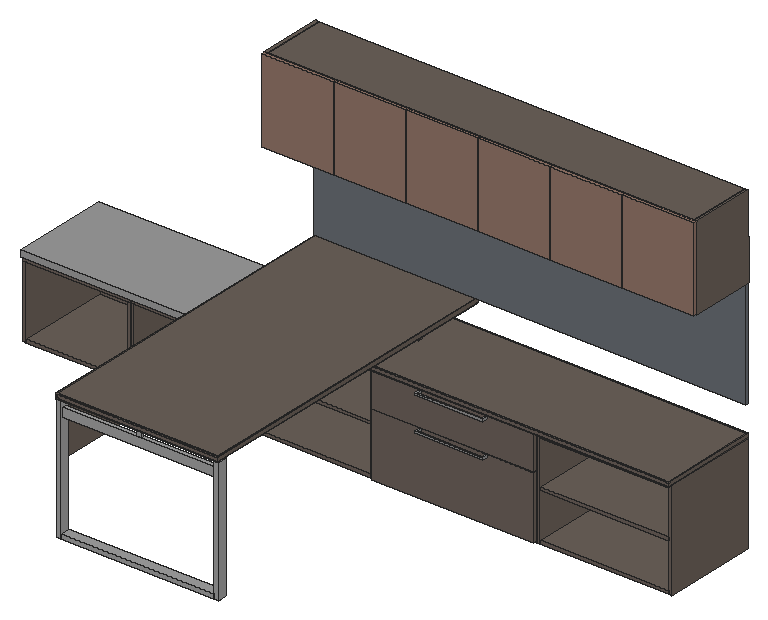
Revit family "T100315", category Furniture, Revit 2015
Parameters (values of type "T100315")
  URL = "https://ofs.com/"
  Manufacturer = "OFS"
  Description = "OFS TYPICAL T100315"
  Copyright © = "©OFS 2021"
  Catalog = "https://ofs.com/2020-experience"
  Authoring Version = "Autodesk Revit Architecture 2015"
  Assembly Code = "E2020400"
Reference planes (in)
  plane 1 "Center Front/Back": y = 0
  plane 2: z = 0
  plane 3 "Center Left/Right": x = 0
Dimensions and locks (in)
  aligned and locked: level to plane 2
Nested families (in)
  nested 1: "OFS ELEMENT OPEN L DESK LEFT AND RIGHT 84in Width 60in Return" at (102, 18.84375, 84), type "ELEMENT OPEN L DESK LEFT RETURN 84in Width 60in Return"
    with Right Desk Ovelay no, Left Desk Overlay no, Desk Overlay Option yes
  nested 2: "STAKS TACKBOARD ONE-PIECE Fabric" at (-37.2202, -153.71975, 0.25), type "STAKS ONE-PIECE TACKBOARD Fabric 96in"
  nested 3: "STAKS MODESTY PANEL - Veneer & Wood Grain & Frosted" at (-83.53235, -196.84501, 0.375) x (0, 1, 0) z (0, 0, 1), type "STAKS MODESTY PANEL WOOD VENEER 47.9375-30"
  nested 4: "STAKS RISER SUPPORT PANELS P & T SHAPED" at (-55.78305, -175.71976, 0.5) x (0, -1, 0) z (0, 0, 1), type "STAKS RISER SUPPORT PANEL T SHAPE 26 X 9.5"
  nested 5: "STAKS LOW HEIGHT PEDESTAL WIDE - BOX-FILE - NO RISER SUPPORT" at (-58.19732, -173.47011, 0), type "STAKS LOW HEIGHT PEDESTAL WIDE - BOX-FILE - NO RISER SUPPORT 36in W x 22in D"
  nested 6: "STAKS LOW HEIGHT OPEN SHELF PEDESTAL - NO RISER SUPPORT" at (-25.19732, -173.47011, 0), type "STAKS LOW HEIGHT OPEN SHELF PEDESTAL - NO RISER SUPPORT 30 x 22"
  nested 7: "STAKS LOW HEIGHT OPEN SHELF PEDESTAL - NO RISER SUPPORT" at (-91.19732, -173.47011, 0), type "STAKS LOW HEIGHT OPEN SHELF PEDESTAL - NO RISER SUPPORT 30 x 22"
  nested 8: "STAKS SINGLE BENCH HEIGHT PEDESTAL - NO RISER SUPPORT" at (-118.19732, -173.47011, 0), type "STAKS SINGLE BENCH HEIGHT PEDESTAL - NO RISER SUPPORT 24"
  nested 9: "STAKS SINGLE BENCH HEIGHT PEDESTAL - NO RISER SUPPORT" at (-142.19732, -173.47011, 0), type "STAKS SINGLE BENCH HEIGHT PEDESTAL - NO RISER SUPPORT 24"
  nested 10: "STAKS RECTANGULAR WORKSURFACES Long Grain" at (-92.71268, -151.63611, -5.875), type "STAKS RECTANGULAR WORKSURFACE 96 x 22"
    with Height Above Floor 29"
  nested 11: "STAKS BENCHING RECTANGULAR WORKSURFACES" at (-86.99136, -233.02474, 0) x (0, 1, 0) z (0, 0, 1), type "STAKS BENCHING RECTANGULAR WORKSURFACE 72 X 36"
  nested 12: "STAKS WALLMOUNT ORGANIZER WITH DOORS Six Doors" at (-64.21268, -152.38611, 0), type "STAKS WALLMOUNT ORGANIZER WITH DOORS Six Doors 96in W"
    with Height Above Floor 71 1/2", 2D Symbol Lines yes
  nested 13: "STAKS LOW OR BENCH HEIGHT CUSHIONS" at (-130.13482, -173.47011, -3.25), type "STAKS LOW OR BENCH HEIGHT CUSHION - DOUBLE 48"
  nested 14: "STAKS SUPPORT O LEG" at (-69.78235, -207.84476, 0) x (0, 1, 0) z (0, 0, 1), type "STAKS SUPPORT O LEG 36"
Definition of nested family "STAKS TACKBOARD ONE-PIECE Fabric"
  Parameters (values of type "STAKS ONE-PIECE TACKBOARD Fabric 30in")
    Width = 30"
    URL = "http://www.ofs.com/"
    Height from Floor = 28 5/8"
    Height = 24 1/4"
    Model = "FT2205"
    Manufacturer = "OFS"
    Description = "OFS STAKS ONE-PIECE TACKBOARD Fabric 30\", Use with 30\"W Wallmount Organizers"
    Depth = 1/2"
    Copyright © = "© 2018 OFS"
    Catalog = "https://ofs.com/products/casegoods/private-office/staks"
    Authoring Version = "Autodesk Revit Architecture 2013"
    Assembly Code = "E2020200"
    Surface Material = none
  Types (14): name | Width | Model | Description
    (no name) | 30" | "FT2205" | "OFS STAKS ONE-PIECE TACKBOARD Fabric 30\", Use with 30\"W Wallmount Organizers"
    STAKS ONE-PIECE TACKBOARD Fabric 30in | 30" | "FT2205" | "OFS STAKS ONE-PIECE TACKBOARD Fabric 30\", Use with 30\"W Wallmount Organizers"
    STAKS ONE-PIECE TACKBOARD Fabric 36in | 36" | "FT2204" | "OFS STAKS ONE-PIECE TACKBOARD Fabric 36\", Use with 36\"W Wallmount Organizers"
    STAKS ONE-PIECE TACKBOARD Fabric 42in | 42" | "FT2203" | "OFS STAKS ONE-PIECE TACKBOARD Fabric 42\", Use with 42\"W Wallmount Organizers"
    STAKS ONE-PIECE TACKBOARD Fabric 48in | 48" | "FT2202" | "OFS STAKS ONE-PIECE TACKBOARD Fabric 48\", Use with 48\"W Wallmount Organizers"
    STAKS ONE-PIECE TACKBOARD Fabric 54in | 54" | "FT2201" | "OFS STAKS ONE-PIECE TACKBOARD Fabric 54\", Use with 54\"W Wallmount Organizers"
    STAKS ONE-PIECE TACKBOARD Fabric 60in | 60" | "FT2200" | "OFS STAKS ONE-PIECE TACKBOARD Fabric 60\", Use with 60\"W Wallmount Organizers"
    STAKS ONE-PIECE TACKBOARD Fabric 66in | 66" | "FT2199" | "OFS STAKS ONE-PIECE TACKBOARD Fabric 66\", Use with 66\"W Wallmount Organizers"
    STAKS ONE-PIECE TACKBOARD Fabric 72in | 72" | "FT2198" | "OFS STAKS ONE-PIECE TACKBOARD Fabric 72\", Use with 72\"W Wallmount Organizers"
    STAKS ONE-PIECE TACKBOARD Fabric 78in | 78" | "FT2197" | "OFS STAKS ONE-PIECE TACKBOARD Fabric 78\", Use with 78\"W Wallmount Organizers"
    STAKS ONE-PIECE TACKBOARD Fabric 84in | 84" | "FT2196" | "OFS STAKS ONE-PIECE TACKBOARD Fabric 84\", Use with 84\"W Wallmount Organizers"
    STAKS ONE-PIECE TACKBOARD Fabric 90in | 90" | "FT2195" | "OFS STAKS ONE-PIECE TACKBOARD Fabric 90\", Use with 90\"W Wallmount Organizers"
    STAKS ONE-PIECE TACKBOARD Fabric 94in | 94" | "FT2194" | "OFS STAKS ONE-PIECE TACKBOARD Fabric 94\", Use with 94\"W Wallmount Organizers"
    STAKS ONE-PIECE TACKBOARD Fabric 96in | 96" | "FT2193" | "OFS STAKS ONE-PIECE TACKBOARD Fabric 96\", Use with 96\"W Wallmount Organizers"
  Reference planes (in)
    plane 1 "Center (Front/Back)": y = 0
    plane 2: z = 0
    plane 3 "Center (Left/Right)": x = 0
    plane 4: x = 15
    plane 5: x = -15
    plane 6: y = 0.25
    plane 7: y = -0.25
    plane 8: z = 28.625
    plane 9: z = 52.875
  Forms (in)
    Extrusion 1, solid, material <- "Surface Material"
      sketch origin (3.56329, 81.33771, 7) x (-1, 0, 0) y (0, -1, 0)
        loop
          line (18.56329, 81.08771) -> (18.56329, 81.58771) -> (-11.43671, 81.58771) -> (-11.43671, 81.08771) -> (18.56329, 81.08771)
      from 45.875 to 21.625
  Lines and regions (in)
    model lines
      curve 1: line (-15, 0.25, 0) -> (15, 0.25, 0)
      curve 2: line (-15, -0.25, 0) -> (-15, 0.25, 0)
      curve 3: line (15, -0.25, 0) -> (-15, -0.25, 0)
      curve 4: line (15, 0.25, 0) -> (15, -0.25, 0)
  Dimensions and locks (in)
    equal spacing: plane 5, plane 3 "Center (Left/Right)", plane 4
    "Width": plane 5 to plane 4
    "Depth": plane 6 to plane 7
    equal spacing: plane 7, plane 1 "Center (Front/Back)", plane 6
    "Height": plane 9 to plane 8
    "Height from Floor": plane 8 to level
    aligned and locked: level to plane 2
    aligned and locked: plane 5 to Extrusion 1 sketch curve
    aligned and locked: Extrusion 1 sketch curve to plane 7
    aligned and locked: Extrusion 1 sketch curve to plane 6
    aligned and locked: Extrusion 1 sketch curve to plane 4
    aligned and locked: plane 9 to Extrusion 1
    aligned and locked: Extrusion 1 to plane 8
  Automatic sketch dimensions
    curve 3 to plane 5 = 0"
    curve 3 to plane 4 = 0"
    curve 3 to plane 7 = 0"
    curve 2 to plane 6 = 0"
Definition of nested family "STAKS MODESTY PANEL - Veneer & Wood Grain & Frosted"
  Parameters (values of type "STAKS MODESTY PANEL FROSTED ACRYLIC 29.938-12")
    URL = "http://www.ofs.com"
    Thickness = 1/4"
    Width = 29 15/16"
    Model = "6-AMPA"
    Manufacturer = "OFS"
    WDVNR/PNT = no
    WDGRN/TFL = no
    FROSTED = yes
    Description = "OFS STAKS MODESTY PANEL FROSTED ACRYLIC 29.9375-12 X .75, For Desks or Worksurface Height Tops"
    Copyright © = "©OFS 2018"
    Catalog = "https://ofs.com/products/casegoods/private-office/staks"
    BRKT L/R = no
    BRKT CNTR = no
    Authoring Version = "Autodesk Revit Architecture 2013"
    Assembly Code = "E2020200"
  Types (12): name | Thickness | Width | Model | WDVNR/PNT | WDGRN/TFL | FROSTED | Description | BRKT L/R | BRKT CNTR
    STAKS MODESTY PANEL WOOD VENEER 29.938-12 | 3/4" | 29.938" | "6-WMPA" | yes | no | no | "OFS STAKS MODESTY PANEL WOOD VENEER 29.9375-12 X .75, For Desks or Worksurface Height Tops" | yes | no
    STAKS MODESTY PANEL WOOD VENEER 47.9375-30 | 3/4" | 47 15/16" | "6-WMPB" | yes | no | no | "OFS STAKS MODESTY PANEL WOOD VENEER 47.9375-30 X .75, For Desks or Worksurface Height Tops" | yes | no
    STAKS MODESTY PANEL WOOD VENEER 65.9375-48 | 3/4" | 65 15/16" | "6-WMPC" | yes | no | no | "OFS STAKS MODESTY PANEL WOOD VENEER 65.9375-48 X .75, For Desks or Worksurface Height Tops" | yes | no
    STAKS MODESTY PANEL WOOD VENEER 84-66 | 3/4" | 84" | "6-WMPD" | yes | no | no | "OFS STAKS MODESTY PANEL WOOD VENEER 84-66 X .75, For Desks or Worksurface Height Tops" | yes | yes
    STAKS MODESTY PANEL TFL WOOD GRAIN AND TFL SOLID COLORS 29.938-12 | 3/4" | 29 15/16" | "6-KMPA" | no | yes | no | "OFS STAKS MODESTY PANEL TFL WOOD GRAIN AND TFL SOLID COLORS 29.9375-12 X .75, For Desks or Worksurface Height Tops" | yes | no
    STAKS MODESTY PANEL TFL WOOD GRAIN AND TFL SOLID COLORS 47.9375-30 | 3/4" | 47 15/16" | "6-KMPB" | no | yes | no | "OFS STAKS MODESTY PANEL TFL WOOD GRAIN AND TFL SOLID COLORS 47.9375-30 X .75, For Desks or Worksurface Height Tops" | yes | no
    STAKS MODESTY PANEL TFL WOOD GRAIN AND TFL SOLID COLORS 65.9375-48 | 3/4" | 65 15/16" | "6-KMPC" | no | yes | no | "OFS STAKS MODESTY PANEL TFL WOOD GRAIN AND TFL SOLID COLORS 65.9375-48 X .75, For Desks or Worksurface Height Tops" | yes | no
    STAKS MODESTY PANEL TFL WOOD GRAIN AND TFL SOLID COLORS 84-66 | 3/4" | 84" | "6-KMPD" | no | yes | no | "OFS STAKS MODESTY PANEL TFL WOOD GRAIN AND TFL SOLID COLORS 84-66 X .75, For Desks or Worksurface Height Tops" | yes | yes
    STAKS MODESTY PANEL FROSTED ACRYLIC 29.938-12 | 1/4" | 29 15/16" | "6-AMPA" | no | no | yes | "OFS STAKS MODESTY PANEL FROSTED ACRYLIC 29.9375-12 X .75, For Desks or Worksurface Height Tops" | no | no
    STAKS MODESTY PANEL FROSTED ACRYLIC 47.938-30 | 1/4" | 47 15/16" | "6-AMPB" | no | no | yes | "OFS STAKS MODESTY PANEL FROSTED ACRYLIC 47.9375-30 X .75, For Desks or Worksurface Height Tops" | no | no
    STAKS MODESTY PANEL FROSTED ACRYLIC 65.938-48 | 1/4" | 65 15/16" | "6-AMPC" | no | no | yes | "OFS STAKS MODESTY PANEL FROSTED ACRYLIC 65.9375-48 X .75, For Desks or Worksurface Height Tops" | no | no
    STAKS MODESTY PANEL FROSTED ACRYLIC 84-66 | 1/4" | 84" | "6-AMPD" | no | no | yes | "OFS STAKS MODESTY PANEL FROSTED ACRYLIC 84-66 X .75, For Desks or Worksurface Height Tops" | no | no
  Reference planes (in)
    plane 1: z = 0
    plane 2 "Back": y = 1.62535
    plane 3 "MOUNTING LEVEL": z = 27.375
    plane 4 "RIGHT": x = -2.531
    plane 5: x = 12.43775
    plane 6: x = -17.49975
    plane 7: y = 1.37535
    plane 8: z = 26.875
    plane 9: z = 15.125
    plane 10: x = -14.12475
    plane 11: x = 9.06275
  Forms (in)
    Extrusion 1, solid, visible <- "WDVNR/PNT"
      sketch origin (-21.5, 2.25, 14.94485) x (0, 1, 0) y (0, 0, 1)
        loop
          line (-0.87465, 11.93015) -> (-0.87465, 0.18015) -> (-0.62465, 0.18015) -> (-0.62465, 11.93015) -> (-0.87465, 11.93015)
      from 4.00025 to 33.93775
    Extrusion 2, solid, visible <- "WDGRN/TFL"
      sketch origin (-21.65252, 0.50666, 14.94485) x (0, 1, 0) y (0, 0, 1)
        loop
          line (0.86869, 11.93015) -> (0.86869, 0.18015) -> (1.11869, 0.18015) -> (1.11869, 11.93015) -> (0.86869, 11.93015)
      from 4.15277 to 34.09027
    Extrusion 3, solid, not visible
      sketch origin (-21.65252, -2.24334, 14.94485) x (0, 1, 0) y (0, 0, 1)
        loop
          line (3.61869, 11.93015) -> (3.61869, 0.18015) -> (3.86869, 0.18015) -> (3.86869, 11.93015) -> (3.61869, 11.93015)
      from 4.15277 to 34.09027
    Extrusion 4, solid, visible <- "FROSTED"
      sketch origin (-21.65252, -5.24334, 14.94485) x (0, 1, 0) y (0, 0, 1)
        loop
          line (6.61869, 11.93015) -> (6.61869, 0.18015) -> (6.86869, 0.18015) -> (6.86869, 11.93015) -> (6.61869, 11.93015)
      from 4.15277 to 34.09027
  Lines and regions (in)
    Masking region 1, visible <- "WDVNR/PNT"
      outline origin (0, 0, 27.375) x (-1, 0, 0) y (0, -1, 0)
        loop
          line (17.49975, -1.62535) -> (17.49975, -1.37535) -> (-12.43775, -1.37535) -> (-12.43775, -1.62535) -> (17.49975, -1.62535)
    Masking region 2, visible <- "WDGRN/TFL"
      outline origin (-0.15252, -1.74334, 27.375) x (-1, 0, 0) y (0, -1, 0)
        loop
          line (17.34723, -3.36869) -> (17.34723, -3.11869) -> (-12.59027, -3.11869) -> (-12.59027, -3.36869) -> (17.34723, -3.36869)
    Masking region 3, not visible
      outline origin (-0.15252, -4.49334, 27.375) x (-1, 0, 0) y (0, -1, 0)
        loop
          line (17.34723, -6.11869) -> (17.34723, -5.86869) -> (-12.59027, -5.86869) -> (-12.59027, -6.11869) -> (17.34723, -6.11869)
    Masking region 4, visible <- "FROSTED"
      outline origin (-0.15252, -43.24334, 27.375) x (-1, 0, 0) y (0, -1, 0)
        loop
          line (17.34723, -44.86869) -> (17.34723, -44.61869) -> (-12.59027, -44.61869) -> (-12.59027, -44.86869) -> (17.34723, -44.86869)
    Masking region 5, visible <- "BRKT L/R"
      outline origin (0, 0, 27.375) x (-1, 0, 0) y (0, -1, 0)
        loop
          line (11.37475, -1.37535) -> (14.12475, -1.37535) -> (14.12475, -0.12535)
          arc (14.12475, -0.12535) -> (14.05153, 0.05143) -> (13.87475, 0.12465) r 0.25
          line (13.87475, 0.12465) -> (11.62475, 0.12465)
          arc (11.62475, 0.12465) -> (11.44797, 0.05143) -> (11.37475, -0.12535) r 0.25
          line (11.37475, -0.12535) -> (11.37475, -1.37535)
    Masking region 6, visible <- "BRKT CNTR"
      outline origin (11, 0, 27.375) x (-1, 0, 0) y (0, -1, 0)
        loop
          line (12.156, -1.37535) -> (14.906, -1.37535) -> (14.906, -0.12535)
          arc (14.906, -0.12535) -> (14.83278, 0.05143) -> (14.656, 0.12465) r 0.25
          line (14.656, 0.12465) -> (12.406, 0.12465)
          arc (12.406, 0.12465) -> (12.22922, 0.05143) -> (12.156, -0.12535) r 0.25
          line (12.156, -0.12535) -> (12.156, -1.37535)
    Masking region 7, visible <- "BRKT L/R"
      outline origin (23.25, 0, 27.375) x (-1, 0, 0) y (0, -1, 0)
        loop
          line (14.18725, -1.37535) -> (16.93725, -1.37535) -> (16.93725, -0.12535)
          arc (16.93725, -0.12535) -> (16.86403, 0.05143) -> (16.68725, 0.12465) r 0.25
          line (16.68725, 0.12465) -> (14.43725, 0.12465)
          arc (14.43725, 0.12465) -> (14.26047, 0.05143) -> (14.18725, -0.12535) r 0.25
          line (14.18725, -0.12535) -> (14.18725, -1.37535)
  Dimensions and locks (in)
    locked: plane 3 "MOUNTING LEVEL" to plane 1 at 27.375
    equal spacing: plane 6, plane 4 "RIGHT", plane 5
    "Width": plane 6 to plane 5
    "Thickness": plane 7 to plane 2 "Back"
    locked: plane 3 "MOUNTING LEVEL" to plane 8 at 0.5
    locked: plane 8 to plane 9 at 11.75
    locked: plane 6 to plane 10 at 3.375
    locked: plane 11 to plane 5 at 3.375
    aligned and locked: level to plane 1
    aligned and locked: Extrusion 1 to plane 6
    aligned and locked: Extrusion 1 to plane 2 "Back"
    aligned and locked: plane 7 to Extrusion 1
    aligned and locked: plane 5 to Extrusion 1
    aligned and locked: Extrusion 2 to plane 6
    aligned and locked: Masking region 2 to plane 6
    aligned and locked: plane 5 to Extrusion 2
    aligned and locked: plane 5 to Masking region 2
    aligned and locked: plane 5 to Extrusion 3
    aligned and locked: plane 5 to Masking region 3
    aligned and locked: Extrusion 3 to plane 6
    aligned and locked: Masking region 3 to plane 6
    aligned and locked: Extrusion 4 to plane 6
    aligned and locked: Masking region 4 to plane 6
    aligned and locked: plane 5 to Extrusion 4
    aligned and locked: plane 5 to Masking region 4
    aligned and locked: Extrusion 2 to plane 2 "Back"
    aligned and locked: Masking region 2 to plane 2 "Back"
    aligned and locked: plane 7 to Extrusion 2
    aligned and locked: plane 7 to Masking region 2
    aligned and locked: Extrusion 3 to plane 2 "Back"
    aligned and locked: Masking region 3 to plane 2 "Back"
    aligned and locked: plane 7 to Extrusion 3
    aligned and locked: plane 7 to Masking region 3
    aligned and locked: Extrusion 4 to plane 2 "Back"
    aligned and locked: Masking region 4 to plane 2 "Back"
    aligned and locked: plane 7 to Extrusion 4
    aligned and locked: plane 7 to Masking region 4
    aligned: plane 8 to Extrusion 4
    aligned: plane 8 to Extrusion 3
    aligned: plane 8 to Extrusion 2
    aligned and locked: plane 8 to Extrusion 1
    aligned and locked: Extrusion 4 to plane 9
    aligned and locked: Extrusion 3 to plane 9
    aligned and locked: Extrusion 2 to plane 9
    aligned and locked: Extrusion 1 to plane 9
    aligned and locked: plane 8 to Extrusion 4
    aligned and locked: plane 8 to Extrusion 3
    aligned and locked: plane 8 to Extrusion 2
    aligned and locked: plane 3 "MOUNTING LEVEL" to nested 1
    aligned and locked: plane 7 to nested 1
    aligned and locked: plane 3 "MOUNTING LEVEL" to nested 2
    aligned and locked: plane 3 "MOUNTING LEVEL" to nested 3
    aligned and locked: nested 2 to plane 10
    aligned and locked: nested 3 to plane 11
    aligned and locked: plane 7 to nested 2
    aligned and locked: plane 7 to nested 3
    aligned and locked: Masking region 6 to nested 1  (x2)
    aligned and locked: Masking region 7 to plane 11
    aligned and locked: Masking region 7 to nested 3
  Automatic sketch dimensions
    Extrusion 1 sketch curve to plane 7 = 0"
    Extrusion 1 sketch curve to plane 2 "Back" = 0"
    Extrusion 1 sketch curve to plane 9 = 0"
    Extrusion 1 sketch curve to plane 8 = 0"
    plane 2 "Back" to Masking region 1 sketch curve = 0"
    Masking region 1 sketch curve to plane 5 = 0"
    Masking region 1 sketch curve to plane 6 = 0"
    plane 7 to Masking region 1 sketch curve = 0"
    Extrusion 2 sketch curve to plane 7 = 0"
    Extrusion 2 sketch curve to plane 2 "Back" = 0"
    Extrusion 2 sketch curve to plane 9 = 0"
    Extrusion 2 sketch curve to plane 8 = 0"
    plane 2 "Back" to Masking region 2 sketch curve = 0"
    Masking region 2 sketch curve to plane 5 = 0"
    Masking region 2 sketch curve to plane 6 = 0"
    plane 7 to Masking region 2 sketch curve = 0"
    Extrusion 3 sketch curve to plane 7 = 0"
    Extrusion 3 sketch curve to plane 2 "Back" = 0"
    Extrusion 3 sketch curve to plane 9 = 0"
    Extrusion 3 sketch curve to plane 8 = 0"
    plane 2 "Back" to Masking region 3 sketch curve = 0"
    Masking region 3 sketch curve to plane 5 = 0"
    Masking region 3 sketch curve to plane 6 = 0"
    plane 7 to Masking region 3 sketch curve = 0"
    Extrusion 4 sketch curve to plane 7 = 0"
    Extrusion 4 sketch curve to plane 2 "Back" = 0"
    Extrusion 4 sketch curve to plane 9 = 0"
    Extrusion 4 sketch curve to plane 8 = 0"
    plane 2 "Back" to Masking region 4 sketch curve = 0"
    Masking region 4 sketch curve to plane 5 = 0"
    Masking region 4 sketch curve to plane 6 = 0"
    plane 7 to Masking region 4 sketch curve = 0"
    plane 7 to Masking region 5 sketch curve = 0"
    Masking region 5 sketch curve to plane 10 = 0"
    plane 10 to Masking region 5 sketch curve = 1/4"
    Masking region 5 sketch curve to Masking region 5 sketch curve = 2 1/4"
    Masking region 5 sketch curve to Masking region 5 sketch curve = 1/4"
    plane 7 to Masking region 5 sketch curve = 1 1/4"
    plane 7 to Masking region 6 sketch curve = 0"
    plane 4 "RIGHT" to Masking region 6 sketch curve = 1 3/8"
    Masking region 6 sketch curve to Masking region 6 sketch curve = 1/4"  (x2)
    Masking region 6 sketch curve to plane 4 "RIGHT" = 1 1/8"
    Masking region 6 sketch curve to Masking region 6 sketch curve = 1 1/4"
    plane 7 to Masking region 7 sketch curve = 0"
    plane 11 to Masking region 7 sketch curve = 0"
    Masking region 7 sketch curve to Masking region 7 sketch curve = 1/4"  (x2)
    Masking region 7 sketch curve to Masking region 7 sketch curve = 2 1/4"
    Masking region 7 sketch curve to Masking region 7 sketch curve = 1 1/4"
  Nested families (in)
    nested 1: "MP BRKT" at (-2.531, 1.37535, 25.375), visible <- "BRKT CNTR", type "6-MPB-1"
    nested 2: "MP BRKT" at (-12.74975, 1.37535, 25.375), visible <- "BRKT L/R", type "6-MPB-1"
    nested 3: "MP BRKT" at (7.68775, 1.37535, 25.375), visible <- "BRKT L/R", type "6-MPB-1"
  Definition of nested family "MP BRKT"
    Reference planes (in)
      plane 1 "Center (Front/Back)": y = 0
      plane 2: z = 0
      plane 3 "Center (Left/Right)": x = 0
    Forms (in)
      Extrusion 1, solid
        sketch origin (-1.375, 0, 0) x (0, 1, 0) y (0, 0, 1)
          loop
            line (0, 0) -> (0, 1.625)
            arc (0, 1.625) -> (-0.10983, 1.89017) -> (-0.375, 2) r 0.375
            line (-0.375, 2) -> (-1.5, 2) -> (-1.5, 1.75) -> (-0.375, 1.75)
            arc (-0.375, 1.75) -> (-0.28661, 1.71339) -> (-0.25, 1.625) r 0.125
            line (-0.25, 1.625) -> (-0.25, 0) -> (0, 0)
        from 0 to 2.75
      Extrusion 2, void
        sketch origin (0, 0, 0) x (1, 0, 0) y (0, 1, 0)
          loop
            line (-1.375, -1.5) -> (-1.125, -1.5)
            arc (-1.125, -1.5) -> (-1.30178, -1.42678) -> (-1.375, -1.25) r 0.25
            line (-1.375, -1.25) -> (-1.375, -1.5)
        from 1.75 to 2
      Extrusion 3, void
        sketch origin (0, 0, 0) x (-1, 0, 0) y (0, -1, 0)
          loop
            line (-1.375, 1.5) -> (-1.375, 1.25)
            arc (-1.375, 1.25) -> (-1.30178, 1.42678) -> (-1.125, 1.5) r 0.25
            line (-1.125, 1.5) -> (-1.375, 1.5)
        from 1.75 to 2
      Extrusion 4, void
        sketch origin (0, -2, 1.5) x (1, 0, 0) y (0, 0, -1)
          loop
            line (-1.375, 1.5) -> (-1.375, 1.25)
            arc (-1.375, 1.25) -> (-1.30178, 1.42678) -> (-1.125, 1.5) r 0.25
            line (-1.125, 1.5) -> (-1.375, 1.5)
        from 1.75 to 2
      Extrusion 5, void
        sketch origin (0, -2, 1.5) x (-1, 0, 0) y (0, 0, 1)
          loop
            line (-1.375, -1.5) -> (-1.125, -1.5)
            arc (-1.125, -1.5) -> (-1.30178, -1.42678) -> (-1.375, -1.25) r 0.25
            line (-1.375, -1.25) -> (-1.375, -1.5)
        from 1.75 to 2
    Cuts and joins
      Extrusion 2, Extrusion 3, Extrusion 4, Extrusion 5 cuts Extrusion 1
    Dimensions and locks (in)
      aligned and locked: Extrusion 1 to Extrusion 2
      aligned and locked: Extrusion 2 to Extrusion 1
Definition of nested family "STAKS RISER SUPPORT PANELS P & T SHAPED"
  Parameters (values of type "STAKS RISER SUPPORT PANEL T SHAPE 26 X 9.5")
    T SHAPE = yes
    RISER DEPTH = 26"
    URL = "http://www.ofs.com/"
    P SHAPE = no
    Model = "6-RSP-26/9.5"
    Manufacturer = "OFS"
    Description = "STAKS RISER SUPPORT PANEL 26 X 9.5 T SHAPE, 4.875\"H Riser Support Panel for 30\"D Top"
    Copyright © = "©OFS 2018"
    Catalog = "https://ofs.com/products/casegoods/private-office/staks"
    Authoring Version = "Autodesk Revit Architecture 2013"
    Assembly Code = "E2020200"
  Types (8): name | T SHAPE | RISER DEPTH | P SHAPE | Model | Description
    STAKS RISER SUPPORT PANEL P SHAPE 10 X 9.5 | no | 10" | yes | "6-TSP-10/9.5" | "STAKS RISER SUPPORT PANEL 10 X 9.5 P SHAPE, 4.875\"H Riser Support Panel for 14\"D Top"
    STAKS RISER SUPPORT PANEL P SHAPE 18 X 9.5 | no | 18" | yes | "6-TSP-18/9.5" | "STAKS RISER SUPPORT PANEL 18 X 9.5 P SHAPE, 4.875\"H Riser Support Panel for 22\"D Top"
    STAKS RISER SUPPORT PANEL P SHAPE 26 X 9.5 | no | 26" | yes | "6-TSP-26/9.5" | "STAKS RISER SUPPORT PANEL 26 X 9.5 P SHAPE, 4.875\"H Riser Support Panel for 30\"D Top"
    STAKS RISER SUPPORT PANEL P SHAPE 32 X 9.5 | no | 32" | yes | "6-TSP-32/9.5" | "STAKS RISER SUPPORT PANEL 32 X 9.5 P SHAPE, 4.875\"H Riser Support Panel for 36\"D Top"
    STAKS RISER SUPPORT PANEL T SHAPE 10 X 9.5 | yes | 10" | no | "6-RSP-10/9.5" | "STAKS RISER SUPPORT PANEL 10 X 9.5 T SHAPE, 4.875\"H Riser Support Panel for 14\"D Top"
    STAKS RISER SUPPORT PANEL T SHAPE 18 X 9.5 | yes | 18" | no | "6-RSP-18/9.5" | "STAKS RISER SUPPORT PANEL 18 X 9.5 T SHAPE, 4.875\"H Riser Support Panel for 22\"D Top"
    STAKS RISER SUPPORT PANEL T SHAPE 26 X 9.5 | yes | 26" | no | "6-RSP-26/9.5" | "STAKS RISER SUPPORT PANEL 26 X 9.5 T SHAPE, 4.875\"H Riser Support Panel for 30\"D Top"
    STAKS RISER SUPPORT PANEL T SHAPE 32 X 9.5 | yes | 32" | no | "6-RSP-32/9.5" | "STAKS RISER SUPPORT PANEL 32 X 9.5 T SHAPE, 4.875\"H Riser Support Panel for 36\"D Top"
  Reference planes (in)
    plane 1: z = 0
    plane 2 "Left": x = -12
    plane 3 "Back": y = 1.62535
    plane 4 "WING Top": z = 27.375
    plane 5: y = -24.37465
    plane 6: y = 0.62535
    plane 7: x = -2.5
    plane 8: x = -3.5
    plane 9: x = -11
    plane 10: y = -7.87465
    plane 11: z = 22.5
    plane 12: y = -6.87465
    plane 13: x = -13
    plane 14: y = -11.37465
    plane 15: x = -21.5
  Forms (in)
    Extrusion 1, solid, visible <- "P SHAPE"
      sketch origin (3.36932, -10.37465, 0.12522) x (1, 0, 0) y (0, 0, 1)
        loop
          line (-5.86932, 27.24978) -> (-6.86932, 27.24978) -> (-6.86932, 22.37478) -> (-5.86932, 22.37478) -> (-5.86932, 27.24978)
      from -11 to -3.5
    Extrusion 2, solid, visible <- "P SHAPE"
      sketch origin (-5.5, 5, -0.18015) x (0, 1, 0) y (0, 0, 1)
        loop
          line (-4.37465, 27.55515) -> (-4.37465, 22.68015) -> (-3.37465, 22.68015) -> (-3.37465, 27.55515) -> (-4.37465, 27.55515)
      from -5.5 to 3
    Extrusion 3, solid, visible <- "P SHAPE"
      sketch origin (7.62465, -10.37465, -0.18015) x (1, 0, 0) y (0, 0, 1)
        loop
          line (-19.62465, 27.55515) -> (-19.62465, 22.68015) -> (-18.62465, 22.68015) -> (-18.62465, 27.55515) -> (-19.62465, 27.55515)
      from -12 to 14
    Extrusion 4, solid, visible <- "P SHAPE"
      sketch origin (-5.5, -2.25, -0.18015) x (0, 1, 0) y (0, 0, 1)
        loop
          line (-5.62465, 27.55515) -> (-5.62465, 22.68015) -> (-4.62465, 22.68015) -> (-4.62465, 27.55515) -> (-5.62465, 27.55515)
      from -5.5 to 3
    Extrusion 5, solid, visible <- "T SHAPE"
      sketch origin (6.62465, -10.37465, -0.18015) x (1, 0, 0) y (0, 0, 1)
        loop
          line (-19.62465, 27.55515) -> (-19.62465, 22.68015) -> (-18.62465, 22.68015) -> (-18.62465, 27.55515) -> (-19.62465, 27.55515)
      from -12 to 14
    Extrusion 6, solid, visible <- "T SHAPE"
      sketch origin (-16, -9.25, -0.18015) x (0, 1, 0) y (0, 0, 1)
        loop
          line (-2.62465, 27.55515) -> (-2.62465, 22.68015) -> (-1.62465, 22.68015) -> (-1.62465, 27.55515) -> (-2.62465, 27.55515)
      from -5.5 to 3
  Lines and regions (in)
    Masking region 1, visible <- "P SHAPE"
      outline origin (-5.5, 0, 0) x (1, 0, 0) y (0, 1, 0)
        loop
          line (-5.5, 1.62535) -> (-5.5, 0.62535) -> (3, 0.62535) -> (3, 1.62535) -> (-5.5, 1.62535)
    Masking region 2, visible <- "P SHAPE"
      outline origin (4.75, 0, 0) x (1, 0, 0) y (0, 1, 0)
        loop
          line (-7.25, 0.62535) -> (-8.25, 0.62535) -> (-8.25, -6.87465) -> (-7.25, -6.87465) -> (-7.25, 0.62535)
    Masking region 3, visible <- "P SHAPE"
      outline origin (-16.37535, -10.37465, 0) x (0, -1, 0) y (1, 0, 0)
        loop
          line (-12, 5.37535) -> (-12, 4.37535) -> (14, 4.37535) -> (14, 5.37535) -> (-12, 5.37535)
    Masking region 4, visible <- "P SHAPE"
      outline origin (-5.5, -7.25, 0) x (1, 0, 0) y (0, 1, 0)
        loop
          line (-5.5, 0.37535) -> (-5.5, -0.62465) -> (3, -0.62465) -> (3, 0.37535) -> (-5.5, 0.37535)
    Masking region 5, visible <- "T SHAPE"
      outline origin (-17.37535, -10.37465, 0) x (0, -1, 0) y (1, 0, 0)
        loop
          line (-12, 5.37535) -> (-12, 4.37535) -> (14, 4.37535) -> (14, 5.37535) -> (-12, 5.37535)
    Masking region 6, visible <- "T SHAPE"
      outline origin (-16, -14.25, 0) x (1, 0, 0) y (0, 1, 0)
        loop
          line (-5.5, 3.37535) -> (-5.5, 2.37535) -> (3, 2.37535) -> (3, 3.37535) -> (-5.5, 3.37535)
  Dimensions and locks (in)
    "RISER DEPTH": plane 5 to plane 3 "Back"
    locked: plane 2 "Left" to plane 9 at 1
    locked: plane 8 to plane 7 at 1
    locked: plane 2 "Left" to plane 7 at 9.5
    locked: plane 4 "WING Top" to plane 11 at 4.875
    locked: plane 10 to plane 3 "Back" at 9.5
    locked: plane 4 "WING Top" to plane 1 at 27.375
    locked: plane 6 to plane 3 "Back" at 1
    locked: plane 10 to plane 12 at 1
    locked: plane 15 to plane 2 "Left" at 9.5
    locked: plane 13 to plane 2 "Left" at 1
    Extrusion 6 to plane 14 to Extrusion 6 = 1/2" locked, 1/2" locked
    equal spacing: plane 5, plane 14, plane 3 "Back"
    aligned: Extrusion 1 to plane 2 "Left"  (x2)
    aligned: Extrusion 1 to plane 1  (x2)
    aligned: level to plane 1
    aligned: Extrusion 1 to plane 4 "WING Top"
    aligned: Extrusion 1 to plane 3 "Back"  (x2)
    aligned: plane 5 to Extrusion 1
    aligned: Extrusion 3 to plane 6
    aligned and locked: plane 5 to Extrusion 3
    aligned: Extrusion 1 to plane 5  (x3)
    aligned and locked: plane 6 to Extrusion 2
    aligned and locked: plane 6 to Masking region 1
    aligned and locked: Masking region 1 to plane 3 "Back"
    aligned and locked: Extrusion 2 to plane 3 "Back"
    aligned: plane 7 to Masking region 1
    aligned: plane 7 to Extrusion 2
    aligned: Extrusion 3 to plane 2 "Left"
    aligned: plane 4 "WING Top" to Extrusion 3
    aligned: plane 4 "WING Top" to Extrusion 1
    aligned: plane 4 "WING Top" to Extrusion 2
    aligned: Masking region 2 to plane 3 "Back"
    aligned: plane 3 "Back" to Extrusion 1
    aligned: plane 10 to Masking region 2
    aligned: plane 10 to Extrusion 1
    aligned and locked: plane 7 to Extrusion 1
    aligned and locked: Extrusion 1 to plane 8
    aligned and locked: plane 7 to Masking region 2
    aligned and locked: Masking region 2 to plane 8
    aligned: plane 8 to Extrusion 2
    aligned: plane 8 to Masking region 1
    aligned and locked: Extrusion 3 to plane 3 "Back"
    aligned and locked: Extrusion 3 to plane 2 "Left"
    aligned: plane 9 to Extrusion 3
    aligned and locked: plane 9 to Masking region 3
    aligned and locked: Masking region 3 to plane 2 "Left"
    aligned and locked: Extrusion 2 to plane 9
    aligned and locked: Masking region 1 to plane 9
    aligned and locked: plane 5 to Masking region 3
    aligned and locked: plane 4 "WING Top" to Extrusion 3  (x2)
    aligned and locked: plane 4 "WING Top" to Extrusion 1
    aligned and locked: plane 4 "WING Top" to Extrusion 2
    aligned and locked: Extrusion 3 to plane 11
    aligned and locked: Extrusion 1 to plane 11
    aligned and locked: Extrusion 2 to plane 11
    aligned and locked: plane 9 to Extrusion 3
    aligned and locked: Extrusion 1 to plane 6
    aligned and locked: Masking region 2 to plane 6
    aligned and locked: plane 7 to Extrusion 2
    aligned and locked: plane 7 to Masking region 1
    aligned and locked: Masking region 4 to plane 12
    aligned and locked: Extrusion 4 to plane 12
    aligned and locked: plane 10 to Extrusion 4
    aligned and locked: plane 10 to Masking region 4
    aligned and locked: plane 12 to Extrusion 1
    aligned and locked: plane 12 to Masking region 2
    aligned and locked: Masking region 6 to Extrusion 6  (x2)
    aligned and locked: Masking region 6 to plane 15
    aligned and locked: Extrusion 6 to plane 15
    aligned and locked: plane 13 to Masking region 6
    aligned and locked: plane 13 to Extrusion 6
    aligned and locked: plane 5 to Extrusion 5
    aligned and locked: Extrusion 5 to plane 3 "Back"
    aligned and locked: plane 3 "Back" to Extrusion 5
  Automatic sketch dimensions
    Extrusion 1 sketch curve to plane 4 "WING Top" = 0"
    Extrusion 1 sketch curve to plane 8 = 0"
    Extrusion 1 sketch curve to plane 7 = 0"
    Extrusion 1 sketch curve to plane 11 = 0"
    Extrusion 2 sketch curve to plane 4 "WING Top" = 0"
    Extrusion 2 sketch curve to plane 6 = 0"
    Extrusion 2 sketch curve to plane 3 "Back" = 0"
    Extrusion 2 sketch curve to plane 11 = 0"
    plane 6 to Masking region 1 sketch curve = 0"
    Masking region 1 sketch curve to plane 9 = 0"
    plane 3 "Back" to Masking region 1 sketch curve = 0"
    Masking region 1 sketch curve to plane 7 = 0"
    Extrusion 3 sketch curve to plane 2 "Left" = 0"
    Extrusion 3 sketch curve to plane 9 = 0"
    Extrusion 3 sketch curve to plane 11 = 0"
    Extrusion 3 sketch curve to plane 4 "WING Top" = 0"
    plane 6 to Masking region 2 sketch curve = 0"
    Masking region 2 sketch curve to plane 8 = 0"
    Masking region 2 sketch curve to plane 7 = 0"
    plane 12 to Masking region 2 sketch curve = 0"
    Masking region 3 sketch curve to plane 2 "Left" = 0"
    plane 3 "Back" to Masking region 3 sketch curve = 0"
    plane 5 to Masking region 3 sketch curve = 0"
    Masking region 3 sketch curve to plane 9 = 0"
    Extrusion 4 sketch curve to plane 4 "WING Top" = 0"
    Extrusion 4 sketch curve to plane 10 = 0"
    Extrusion 4 sketch curve to plane 11 = 0"
    Extrusion 4 sketch curve to plane 12 = 0"
    Masking region 4 sketch curve to plane 9 = 0"
    Masking region 4 sketch curve to plane 7 = 0"
    plane 10 to Masking region 4 sketch curve = 0"
    plane 12 to Masking region 4 sketch curve = 0"
    Extrusion 5 sketch curve to plane 4 "WING Top" = 0"
    Extrusion 5 sketch curve to plane 13 = 0"
    Extrusion 5 sketch curve to plane 2 "Left" = 0"
    Extrusion 5 sketch curve to plane 11 = 0"
    plane 3 "Back" to Masking region 5 sketch curve = 0"
    Masking region 5 sketch curve to plane 2 "Left" = 0"
    plane 5 to Masking region 5 sketch curve = 0"
    Masking region 5 sketch curve to plane 13 = 0"
    Extrusion 6 sketch curve to plane 4 "WING Top" = 0"
    Extrusion 6 sketch curve to plane 11 = 0"
    plane 10 to Extrusion 6 sketch curve = 4"
    Extrusion 6 sketch curve to Extrusion 6 sketch curve = 1"
    Masking region 6 sketch curve to plane 13 = 0"
    Masking region 6 sketch curve to Masking region 6 sketch curve = 8 1/2"
    plane 10 to Masking region 6 sketch curve = 4"
    Masking region 6 sketch curve to Masking region 6 sketch curve = 1"
Definition of nested family "STAKS LOW HEIGHT PEDESTAL WIDE - BOX-FILE - NO RISER SUPPORT"
  Parameters (values of type "STAKS LOW HEIGHT PEDESTAL WIDE - BOX-FILE - NO RISER SUPPORT 24in W x 19in D")
    URL = "http://www.ofs.com/"
    Riser Support = 0"
    Model = "6-NL2419MPD8"
    Manufacturer = "OFS"
    Height = 21 7/8"
    Drawer Material = none
    Drawer Handle Width = 15 1/8"
    Drawer Handle Material = none
    Description = "OFS STAKS LOW HEIGHT PEDESTAL WIDE - BOX-FILE - NO RISER SUPPORT 24\" Width, 19\" Depth, One Box Drawer, One File Drawer, Use with 22\"D Worksurfaces"
    Width = 24"
    Depth = 19 3/8"
    DH2 = 6 1/2"
    DH1 = 14 3/8"
    Copyright © = "© 2018 OFS"
    Chasis Material = none
    Catalog = "https://ofs.com/products/casegoods/private-office/staks"
    Board Thickness = 3/4"
    Authoring Version = "Autodesk Revit Architecture 2013"
    Assembly Code = "E2020200"
  Types (6): name | Model | Description | Width | Depth
    STAKS LOW HEIGHT PEDESTAL WIDE - BOX-FILE - NO RISER SUPPORT 24in W x 19in D | "6-NL2419MPD8" | "OFS STAKS LOW HEIGHT PEDESTAL WIDE - BOX-FILE - NO RISER SUPPORT 24\" Width, 19\" Depth, One Box Drawer, One File Drawer, Use with 22\"D Worksurfaces" | 24" | 19 3/8"
    STAKS LOW HEIGHT PEDESTAL WIDE - BOX-FILE - NO RISER SUPPORT 24in W x 22in D | "6-NL2422MPD8" | "OFS STAKS LOW HEIGHT PEDESTAL WIDE - BOX-FILE - NO RISER SUPPORT 24\" Width, 22\" Depth, One Box Drawer, One File Drawer, Use with 22\"D Worksurfaces" | 24" | 21 7/8"
    STAKS LOW HEIGHT PEDESTAL WIDE - BOX-FILE - NO RISER SUPPORT 30in W x 19in D | "6-NL3019MPD8" | "OFS STAKS LOW HEIGHT PEDESTAL WIDE - BOX-FILE - NO RISER SUPPORT 30\" Width, 19\" Depth, One Box Drawer, One File Drawer, Use with 22\"D Worksurfaces" | 30" | 19 3/8"
    STAKS LOW HEIGHT PEDESTAL WIDE - BOX-FILE - NO RISER SUPPORT 30in W x 22in D | "6-NL3022MPD8" | "OFS STAKS LOW HEIGHT PEDESTAL WIDE - BOX-FILE - NO RISER SUPPORT 30\" Width, 22\" Depth, One Box Drawer, One File Drawer, Use with 22\"D Worksurfaces" | 30" | 21 7/8"
    STAKS LOW HEIGHT PEDESTAL WIDE - BOX-FILE - NO RISER SUPPORT 36in W x 19in D | "6-NL3619MPD8" | "OFS STAKS LOW HEIGHT PEDESTAL WIDE - BOX-FILE - NO RISER SUPPORT 36\" Width, 19\" Depth, One Box Drawer, One File Drawer, Use with 22\"D Worksurfaces" | 36" | 19 3/8"
    STAKS LOW HEIGHT PEDESTAL WIDE - BOX-FILE - NO RISER SUPPORT 36in W x 22in D | "6-NL3622MPD8" | "OFS STAKS LOW HEIGHT PEDESTAL WIDE - BOX-FILE - NO RISER SUPPORT 36\" Width, 22\" Depth, One Box Drawer, One File Drawer, Use with 22\"D Worksurfaces" | 36" | 21 7/8"
  Reference planes (in)
    plane 1: z = 0
    plane 2 "Right": x = 20.97711
    plane 3: z = 21.875
    plane 4: z = 14.375
    plane 5: z = 14.25
    plane 6: z = 0
    plane 7: z = 14
    plane 8: z = 21.625
    plane 9: z = 13.531
    plane 10: z = 21.15625
    plane 11: x = 8.97711
    plane 12: y = 1.37535
    plane 13: y = 0.62535
    plane 14: x = 9.03961
    plane 15: x = 32.91411
    plane 16: x = 9.72711
    plane 17: y = 20.00035
    plane 18: x = 32.97711
    plane 19: x = 32.22711
    plane 20: x = 13.41461
    plane 21: x = 13.78961
    plane 22: x = 28.53961
    plane 23: x = 28.16461
    plane 24: y = -0.18715
    plane 25: y = -0.37465
    plane 26: z = 0.25
    plane 27: y = 19.25035
    plane 28: z = 0.75
    plane 29: y = 16.75035
    plane 30: y = 4.37535
    plane 31: y = 8.37535
    plane 32: y = 12.75035
    plane 33: y = 5.00035
    plane 34: y = 13.37535
    plane 35: z = 22
  Forms (in)
    Extrusion 1, solid, material <- "Drawer Material"
      sketch origin (20.35211, 5, -13.1802) x (0, 1, 0) y (0, 0, 1)
        loop
          line (-4.37465, 27.4302) -> (-4.37465, 13.4302) -> (-3.62465, 13.4302) -> (-3.62465, 27.4302) -> (-4.37465, 27.4302)
      from -11.3125 to 12.562
    Extrusion 2, solid, material <- "Drawer Material"
      sketch origin (20.35211, 2.25, -7.68015) x (0, 1, 0) y (0, 0, 1)
        loop
          line (-1.62465, 29.55515) -> (-1.62465, 22.05515) -> (-0.87465, 22.05515) -> (-0.87465, 29.55515) -> (-1.62465, 29.55515)
      from -11.3125 to 12.562
    Extrusion 3, solid, material <- "Chasis Material"
      sketch origin (-3, -1.24965, 0) x (1, 0, 0) y (0, 0, 1)
        loop
          line (11.97711, 0) -> (12.72711, 0) -> (12.72711, 21.875) -> (11.97711, 21.875) -> (11.97711, 0)
      from -21.25 to -2.625
    Extrusion 4, solid, material <- "Chasis Material"
      sketch origin (19.35211, 31.02324, 0) x (0, 1, 0) y (0, 0, 1)
        loop
          line (-11.77289, 0) -> (-11.02289, 0) -> (-11.02289, 21.875) -> (-11.77289, 21.875) -> (-11.77289, 0)
      from -9.625 to 12.875
    Extrusion 5, solid, material <- "Drawer Handle Material"
      sketch origin (9, 0, 9.60933) x (1, 0, 0) y (0, 1, 0)
        loop
          line (4.41461, 0.62535) -> (4.41461, -0.37465) -> (19.53961, -0.37465) -> (19.53961, 0.62535) -> (19.16461, 0.62535) -> (19.16461, -0.18715) -> (4.78961, -0.18715) -> (4.78961, 0.62535) -> (4.41461, 0.62535)
      from 3.92167 to 4.39067
    Extrusion 6, solid, material <- "Drawer Handle Material"
      sketch origin (9, 0, 20.67137) x (1, 0, 0) y (0, 1, 0)
        loop
          line (4.41461, 0.62535) -> (4.41461, -0.37465) -> (19.53961, -0.37465) -> (19.53961, 0.62535) -> (19.16461, 0.62535) -> (19.16461, -0.18715) -> (4.78961, -0.18715) -> (4.78961, 0.62535) -> (4.41461, 0.62535)
      from 0.48488 to 0.95363
    Extrusion 7, solid, material <- "Chasis Material"
      sketch origin (0, 0, 0) x (1, 0, 0) y (0, 1, 0)
        loop
          line (32.97711, 20.00035) -> (32.22711, 20.00035) -> (32.22711, 1.37535) -> (32.97711, 1.37535) -> (32.97711, 20.00035)
      from 0 to 21.875
    Extrusion 8, solid, material <- "Chasis Material"
      sketch origin (-29.79592, -7.12465, 7.24693) x (1, 0, 0) y (0, 0, 1)
        loop
          line (39.52304, 13.90932) -> (62.02304, 13.90932) -> (62.02304, 14.62807) -> (39.52304, 14.62807) -> (39.52304, 13.90932)
      from -26.375 to -8.5
    Extrusion 9, solid, material <- "Chasis Material"
      sketch origin (-31.5409, -1.62465, -42.72261) x (1, 0, 0) y (0, 0, 1)
        loop
          line (41.26801, 42.72261) -> (63.76801, 42.72261) -> (63.76801, 43.47261) -> (41.26801, 43.47261) -> (41.26801, 42.72261)
      from -20.875 to -3
    Extrusion 10, solid
      sketch origin (0, 0, 0) x (1, 0, 0) y (0, 1, 0)
        loop
          line (32.91411, 20.00035) -> (32.22711, 20.00035) -> (32.22711, 1.37535) -> (32.91411, 1.37535) -> (32.91411, 20.00035)
        loop
          line (9.03961, 20.00035) -> (9.03961, 1.37535) -> (9.72711, 1.37535) -> (9.72711, 20.00035) -> (9.03961, 20.00035)
      from 21.875 to 22
  Dimensions and locks (in)
    "Board Thickness": plane 13 to plane 12
    locked: plane 11 to plane 14 at 0.0625
    "Board Thickness": plane 11 to plane 16
    locked: plane 15 to plane 18 at 0.063
    "Width": plane 11 to plane 18
    Extrusion 7 sketch curve to plane 18 = 3/4"
    "Board Thickness": plane 19 to plane 18
    equal spacing: plane 11, plane 2 "Right", plane 18
    locked: plane 20 to plane 21 at 0.375
    locked: plane 23 to plane 22 at 0.375
    equal spacing: plane 20, plane 2 "Right", plane 22
    "Drawer Handle Width": plane 20 to plane 22
    plane 25 to plane 24 to plane 13 = 3/16" locked, 13/16" locked
    "Riser Support": plane 6 to level
    "Height": plane 3 to plane 6
    "DH1": plane 4 to plane 6
    locked: plane 26 to plane 6 at 0.25
    "Board Thickness": plane 27 to plane 17
    "Depth": plane 13 to plane 17
    plane 4 to plane 5 to plane 7 to plane 9 = 1/8" locked, 1/4" locked, 0.469" locked
    plane 3 to plane 8 to plane 10 = 1/4" locked, 15/32" locked
    "Board Thickness": plane 28 to plane 6
    plane 12 to plane 30 to plane 31 = 3" locked, 4" locked
    plane 32 to plane 29 to plane 27 = 4" locked, 2 1/2" locked
    locked: plane 30 to plane 33 at 0.625
    locked: plane 32 to plane 34 at 0.625
    locked: plane 35 to plane 3 at 0.125
    aligned and locked: level to plane 1
    aligned and locked: Extrusion 1 to plane 14
    aligned and locked: plane 15 to Extrusion 1
    aligned and locked: Extrusion 2 to plane 12
    aligned and locked: plane 13 to Extrusion 2
    aligned and locked: plane 15 to Extrusion 2
    aligned and locked: Extrusion 2 to plane 14
    aligned and locked: plane 12 to Extrusion 3
    aligned and locked: Extrusion 3 to plane 17
    aligned and locked: Extrusion 4 to plane 16
    aligned and locked: plane 16 to Extrusion 3
    aligned and locked: Extrusion 3 to plane 11
    aligned and locked: Extrusion 4 to plane 17
    aligned and locked: Extrusion 1 sketch curve to plane 12
    aligned and locked: plane 13 to Extrusion 1 sketch curve
    aligned and locked: plane 19 to Extrusion 4
    aligned and locked: plane 3 to Extrusion 3
    aligned and locked: Extrusion 6 to plane 22
    aligned and locked: Extrusion 5 to plane 22
    aligned and locked: plane 23 to Extrusion 6
    aligned and locked: plane 23 to Extrusion 5
    aligned and locked: plane 21 to Extrusion 6
    aligned and locked: plane 21 to Extrusion 5
    aligned and locked: Extrusion 6 to plane 20
    aligned and locked: Extrusion 5 to plane 20
    aligned and locked: plane 24 to Extrusion 6
    aligned and locked: plane 7 to Extrusion 5
    aligned and locked: Extrusion 5 to plane 9
    aligned and locked: plane 3 to Extrusion 4
    aligned and locked: Extrusion 1 to plane 26
    aligned and locked: Extrusion 7 to plane 19
    aligned and locked: plane 3 to Extrusion 7
    aligned and locked: Extrusion 7 to plane 6
    aligned and locked: plane 3 to Extrusion 8
    aligned and locked: Extrusion 8 to plane 10
    aligned and locked: plane 28 to Extrusion 9
    aligned and locked: Extrusion 9 to plane 6
    aligned and locked: Extrusion 9 to plane 27
    aligned and locked: plane 12 to Extrusion 9
    aligned and locked: plane 19 to Extrusion 9
    aligned and locked: Extrusion 9 to plane 16
    aligned and locked: Extrusion 10 to plane 3
    aligned and locked: plane 35 to Extrusion 10
    aligned and locked: plane 3 to Extrusion 2
    aligned and locked: plane 8 to Extrusion 6
    aligned and locked: Extrusion 6 to plane 10
    aligned and locked: Extrusion 8 to plane 27
    aligned and locked: plane 12 to Extrusion 8
  Automatic sketch dimensions
    Extrusion 1 sketch curve to plane 26 = 0"
    Extrusion 1 sketch curve to plane 5 = 0"
    Extrusion 2 sketch curve to plane 13 = 0"
    Extrusion 2 sketch curve to plane 4 = 0"
    Extrusion 2 sketch curve to plane 12 = 0"
    Extrusion 3 sketch curve to plane 6 = 0"
    Extrusion 3 sketch curve to plane 11 = 0"
    Extrusion 3 sketch curve to plane 3 = 0"
    Extrusion 3 sketch curve to plane 16 = 0"
    Extrusion 4 sketch curve to plane 6 = 0"
    Extrusion 4 sketch curve to plane 3 = 0"
    Extrusion 4 sketch curve to plane 17 = 0"
    plane 27 to Extrusion 4 sketch curve = 0"
    plane 13 to Extrusion 5 sketch curve = 0"  (x2)
    Extrusion 5 sketch curve to plane 20 = 0"
    Extrusion 5 sketch curve to plane 21 = 0"
    Extrusion 5 sketch curve to plane 23 = 0"
    Extrusion 5 sketch curve to plane 22 = 0"
    plane 25 to Extrusion 5 sketch curve = 0"
    plane 24 to Extrusion 5 sketch curve = 0"
    plane 13 to Extrusion 6 sketch curve = 0"  (x2)
    Extrusion 6 sketch curve to plane 20 = 0"
    Extrusion 6 sketch curve to plane 21 = 0"
    Extrusion 6 sketch curve to plane 23 = 0"
    Extrusion 6 sketch curve to plane 22 = 0"
    plane 25 to Extrusion 6 sketch curve = 0"
    plane 24 to Extrusion 6 sketch curve = 0"
    plane 12 to Extrusion 7 sketch curve = 0"
    Extrusion 7 sketch curve to plane 18 = 0"
    plane 17 to Extrusion 7 sketch curve = 0"
    Extrusion 8 sketch curve to plane 10 = 0"
    Extrusion 8 sketch curve to plane 16 = 0"
    Extrusion 8 sketch curve to plane 3 = 0"
    Extrusion 8 sketch curve to plane 19 = 0"
    plane 14 to Extrusion 9 sketch curve = 11/16"
    Extrusion 9 sketch curve to plane 6 = 0"
    plane 6 to Extrusion 9 sketch curve = 3/4"
    Extrusion 9 sketch curve to plane 19 = 0"
    Extrusion 10 sketch curve to plane 14 = 0"
    Extrusion 10 sketch curve to plane 15 = 0"
    Extrusion 10 sketch curve to plane 13 = 3/4"  (x2)
    Extrusion 10 sketch curve to plane 19 = 0"
    plane 17 to Extrusion 10 sketch curve = 0"  (x2)
    plane 4 to Extrusion 2 sketch curve = 7 1/2"
    Extrusion 10 sketch curve to plane 16 = 0"
Definition of nested family "STAKS LOW HEIGHT OPEN SHELF PEDESTAL - NO RISER SUPPORT"
  Parameters (values of type "STAKS LOW HEIGHT OPEN SHELF PEDESTAL - NO RISER SUPPORT 24 x 19")
    URL = "http://www.ofs.com/"
    Riser Support = 0"
    Model = "6-NL2419MPD6"
    Manufacturer = "OFS"
    Height = 21 7/8"
    Drawer Material = none
    Drawer Handle Width = 5.2495"
    Drawer Handle Material = none
    Description = "OFS STAKS LOW HEIGHT OPEN SHELF PEDESTAL - NO RISER SUPPORT 24\"W x 19\" D, One Adjustable Shelf, One Stationary Shelf, Use with 22\"D Worksurfaces"
    Width = 24"
    Depth = 19 3/8"
    DH2 = 6 1/2"
    DH1 = 11 1/2"
    Copyright © = "© 2018 OFS"
    Chasis Material = none
    Catalog = "https://ofs.com/products/casegoods/private-office/staks"
    Board Thickness = 3/4"
    Authoring Version = "Autodesk Revit Architecture 2013"
    Assembly Code = "E2020200"
  Types (6): name | Model | Drawer Handle Width | Description | Width | Depth
    STAKS LOW HEIGHT OPEN SHELF PEDESTAL - NO RISER SUPPORT 24 x 19 | "6-NL2419MPD6" | 5.2495" | "OFS STAKS LOW HEIGHT OPEN SHELF PEDESTAL - NO RISER SUPPORT 24\"W x 19\" D, One Adjustable Shelf, One Stationary Shelf, Use with 22\"D Worksurfaces" | 24" | 19 3/8"
    STAKS LOW HEIGHT OPEN SHELF PEDESTAL - NO RISER SUPPORT 24 x 22 | "6-NL2422MPD6" | 5 1/4" | "OFS STAKS LOW HEIGHT OPEN SHELF PEDESTAL - NO RISER SUPPORT 24\"W x 22\" D, One Adjustable Shelf, One Stationary Shelf, Use with 22\"D Worksurfaces" | 24" | 21 7/8"
    STAKS LOW HEIGHT OPEN SHELF PEDESTAL - NO RISER SUPPORT 30 x 19 | "6-NL3019MPD6" | 5 1/4" | "OFS STAKS LOW HEIGHT OPEN SHELF PEDESTAL - NO RISER SUPPORT 30\"W x 19\" D, One Adjustable Shelf, One Stationary Shelf, Use with 22\"D Worksurfaces" | 30" | 19 3/8"
    STAKS LOW HEIGHT OPEN SHELF PEDESTAL - NO RISER SUPPORT 30 x 22 | "6-NL3022MPD6" | 5 1/4" | "OFS STAKS LOW HEIGHT OPEN SHELF PEDESTAL - NO RISER SUPPORT 30\"W x 22\" D, One Adjustable Shelf, One Stationary Shelf, Use with 22\"D Worksurfaces" | 30" | 21 7/8"
    STAKS LOW HEIGHT OPEN SHELF PEDESTAL - NO RISER SUPPORT 36 x 22 | "6-NL3622MPD6" | 5 1/4" | "OFS STAKS LOW HEIGHT OPEN SHELF PEDESTAL - NO RISER SUPPORT 36\"W x 22\" D, One Adjustable Shelf, One Stationary Shelf, Use with 22\"D Worksurfaces" | 36" | 21 7/8"
    STAKS LOW HEIGHT OPEN SHELF PEDESTAL - NO RISER SUPPORT 36 x 19 | "6-NL2419MPD6" | 5 1/4" | "OFS STAKS LOW HEIGHT OPEN SHELF PEDESTAL - NO RISER SUPPORT 36\"W x 19\" D, One Adjustable Shelf, One Stationary Shelf, Use with 22\"D Worksurfaces" | 36" | 19 3/8"
  Reference planes (in)
    plane 1: z = 0
    plane 2 "Right": x = 20.97711
    plane 3: z = 21.875
    plane 4: z = 11.5
    plane 5: z = 11.375
    plane 6: z = 0
    plane 7: z = 11.125
    plane 8: z = 21.625
    plane 9: z = 10.656
    plane 10: z = 21.15625
    plane 11: x = 8.97711
    plane 12: y = 1.37535
    plane 13: y = 0.62535
    plane 14: x = 9.03961
    plane 15: x = 32.91411
    plane 16: x = 9.72711
    plane 17: y = 20.00035
    plane 18: x = 32.97711
    plane 19: x = 32.22711
    plane 20: y = -0.18715
    plane 21: y = -0.37465
    plane 22: z = 18
    plane 23: z = 17.875
    plane 24: z = 17.625
    plane 25: z = 17.156
    plane 26: z = 0.25
    plane 27: y = 19.25035
    plane 28: z = 0.75
    plane 29: y = 16.75035
    plane 30: y = 4.37535
    plane 31: y = 8.37535
    plane 32: y = 12.75035
    plane 33: y = 5.00035
    plane 34: y = 13.37535
    plane 35: z = 22
    plane 36: z = 18.375
    plane 37: x = 21.35211
    plane 38: x = 20.60211
    plane 39: x = 21.00836
    plane 40: x = 20.94586
    plane 41: x = 14.99274
    plane 42: x = 17.61749
    plane 43: x = 12.36799
    plane 44: x = 12.74299
    plane 45: x = 17.24249
    plane 46: x = 26.96124
    plane 47: x = 24.33649
    plane 48: x = 29.58599
    plane 49: x = 29.21099
    plane 50: x = 24.71149
  Forms (in)
    Extrusion 1, solid, material <- "Chasis Material"
      sketch origin (-3, -1.24965, 0) x (1, 0, 0) y (0, 0, 1)
        loop
          line (11.97711, 0) -> (12.72711, 0) -> (12.72711, 21.875) -> (11.97711, 21.875) -> (11.97711, 0)
      from -21.25 to -2.625
    Extrusion 2, solid, material <- "Chasis Material"
      sketch origin (19.35211, 31.02324, 0) x (0, 1, 0) y (0, 0, 1)
        loop
          line (-11.77289, 0) -> (-11.02289, 0) -> (-11.02289, 21.875) -> (-11.77289, 21.875) -> (-11.77289, 0)
      from -9.625 to 12.875
    Extrusion 3, solid, material <- "Chasis Material"
      sketch origin (0, 0, 0) x (1, 0, 0) y (0, 1, 0)
        loop
          line (32.97711, 20.00035) -> (32.22711, 20.00035) -> (32.22711, 1.37535) -> (32.97711, 1.37535) -> (32.97711, 20.00035)
      from 0 to 21.875
    Extrusion 4, solid, material <- "Chasis Material"
      sketch origin (-29.79592, -1.62465, 7.24693) x (1, 0, 0) y (0, 0, 1)
        loop
          line (39.52304, 13.90932) -> (62.02304, 13.90932) -> (62.02304, 14.62807) -> (39.52304, 14.62807) -> (39.52304, 13.90932)
      from -20.875 to -3
    Extrusion 5, solid, material <- "Chasis Material"
      sketch origin (-31.5409, -1.62465, -42.72261) x (1, 0, 0) y (0, 0, 1)
        loop
          line (41.26801, 42.72261) -> (63.76801, 42.72261) -> (63.76801, 43.47261) -> (41.26801, 43.47261) -> (41.26801, 42.72261)
      from -20.875 to -3
    Extrusion 6, solid
      sketch origin (0, 0, 0) x (1, 0, 0) y (0, 1, 0)
        loop
          line (9.03961, 20.00035) -> (9.03961, 1.62535) -> (32.91411, 1.62535) -> (32.91411, 20.00035) -> (9.03961, 20.00035)
        loop
          line (32.22711, 2.37535) -> (32.22711, 10.12535) -> (9.72711, 10.12535) -> (9.72711, 2.37535) -> (32.22711, 2.37535)
        loop
          line (32.22711, 10.75035) -> (32.22711, 19.25035) -> (9.72711, 19.25035) -> (9.72711, 10.75035) -> (32.22711, 10.75035)
      from 21.875 to 22
    Extrusion 7, solid, material <- "Chasis Material"
      sketch origin (41.95422, 1.87535, 0) x (-1, 0, 0) y (0, 0, -1)
        loop
          line (9.72711, -11.375) -> (32.22711, -11.375) -> (32.22711, -10.656) -> (9.72711, -10.656) -> (9.72711, -11.375)
      from -17.375 to 0.5
  Dimensions and locks (in)
    "Board Thickness": plane 13 to plane 12
    locked: plane 11 to plane 14 at 0.0625
    "Board Thickness": plane 11 to plane 16
    locked: plane 15 to plane 18 at 0.063
    "Width": plane 11 to plane 18
    Extrusion 3 sketch curve to plane 18 = 3/4"
    "Board Thickness": plane 19 to plane 18
    equal spacing: plane 11, plane 2 "Right", plane 18
    plane 21 to plane 20 to plane 13 = 3/16" locked, 13/16" locked
    "Riser Support": plane 6 to level
    "Height": plane 3 to plane 6
    "DH1": plane 4 to plane 6
    "DH2": plane 22 to plane 4
    locked: plane 26 to plane 6 at 0.25
    "Board Thickness": plane 27 to plane 17
    "Depth": plane 13 to plane 17
    plane 4 to plane 5 to plane 7 to plane 9 = 1/8" locked, 1/4" locked, 0.469" locked
    plane 22 to plane 23 to plane 24 to plane 25 = 1/8" locked, 1/4" locked, 0.469" locked
    plane 3 to plane 8 to plane 10 = 1/4" locked, 15/32" locked
    "Board Thickness": plane 28 to plane 6
    plane 12 to plane 30 to plane 31 = 3" locked, 4" locked
    plane 32 to plane 29 to plane 27 = 4" locked, 2 1/2" locked
    locked: plane 30 to plane 33 at 0.625
    locked: plane 32 to plane 34 at 0.625
    locked: plane 35 to plane 3 at 0.125
    "Board Thickness": plane 36 to plane 24
    equal spacing: plane 38, plane 2 "Right", plane 37
    "Board Thickness": plane 38 to plane 37
    equal spacing: plane 40, plane 2 "Right", plane 39
    equal spacing: plane 14, plane 41, plane 40
    equal spacing: plane 43, plane 41, plane 42
    "Drawer Handle Width": plane 43 to plane 42
    locked: plane 43 to plane 44 at 0.375
    locked: plane 45 to plane 42 at 0.375
    equal spacing: plane 15, plane 46, plane 39
    equal spacing: plane 48, plane 46, plane 47
    "Drawer Handle Width": plane 48 to plane 47
    locked: plane 48 to plane 49 at 0.375
    locked: plane 50 to plane 47 at 0.375
    aligned and locked: level to plane 1
    aligned and locked: plane 12 to Extrusion 1
    aligned and locked: Extrusion 1 to plane 17
    aligned and locked: Extrusion 2 to plane 16
    aligned and locked: plane 16 to Extrusion 1
    aligned and locked: Extrusion 1 to plane 11
    aligned and locked: Extrusion 2 to plane 17
    aligned and locked: plane 19 to Extrusion 2
    aligned and locked: plane 3 to Extrusion 1
    aligned and locked: plane 3 to Extrusion 2
    aligned and locked: Extrusion 3 to plane 19
    aligned and locked: plane 3 to Extrusion 3
    aligned and locked: Extrusion 3 to plane 6
    aligned and locked: plane 3 to Extrusion 4
    aligned and locked: Extrusion 4 to plane 10
    aligned and locked: plane 19 to Extrusion 4
    aligned and locked: Extrusion 4 to plane 16
    aligned and locked: plane 28 to Extrusion 5
    aligned and locked: Extrusion 5 to plane 6
    aligned and locked: Extrusion 5 to plane 27
    aligned and locked: plane 12 to Extrusion 5
    aligned and locked: plane 19 to Extrusion 5
    aligned and locked: Extrusion 5 to plane 16
    aligned and locked: Extrusion 6 to plane 3
    aligned and locked: plane 35 to Extrusion 6
    aligned and locked: Extrusion 4 to plane 27
    aligned and locked: plane 12 to Extrusion 4
    aligned and locked: Extrusion 7 to plane 9
    aligned and locked: plane 5 to Extrusion 7
    aligned and locked: plane 19 to Extrusion 7
    aligned and locked: Extrusion 7 to plane 27
    aligned and locked: plane 12 to Extrusion 7
